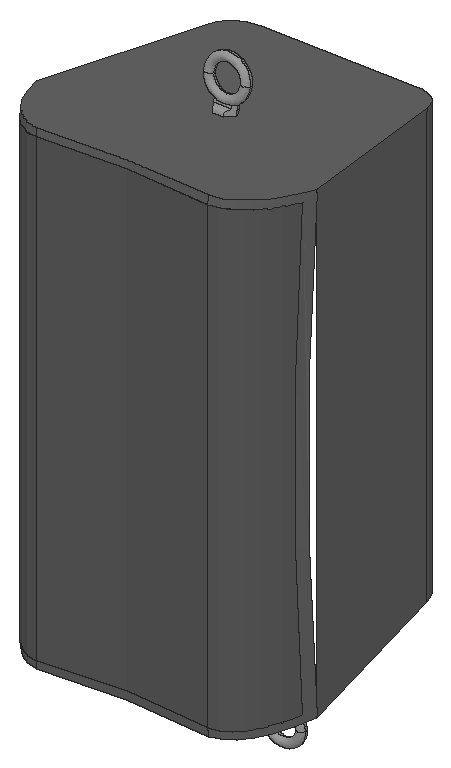
Revit family "AD-S8T - M10 Eye Bolts", category Communication Devices, Revit 2012
Parameters
  Width = 254 mm
  Weight Dimensional (lb) = 32.1
  Weight Dimensional (kg) = 14.5
  URL = "TBA"
  Sensitivity = 90
  SPL Max = 119
  Rotation Axis Distance = 2491.3 mm
  Regulatory Compliance = "RoHS"
  Product Page URL = "TBA"
  Product Documentation Link = "TBA"
  Weight Product (kg) = 11
  Weight Product (lb) = 24.1
  Power Handling = 200
  Model = "AD-S8T"
  Mid Depth = 244.9 mm
  Manufacturer URL = "www.qscaudio.com"
  Manufacturer = "QSC Audio Products, LLC"
  Impedance = 8
  Height [instance] = 439.98 mm
  Grille Finish = Black Grille
  Eye Bolt Material [instance] = Default
  Enclosure Finish = Black Finish
  Description = "8\" 2-Way Surface Mount Loudspeaker"
  Depth [instance] = 254.273 mm
  Coverage Vertical = 105.00°
  Coverage Horizontal = 105.00°
  70V Taps = "60, 30, 15, 7.5"
  100V Taps = "60, 30, 15"
Reference planes
  plane 1 "Center (Front/Back) (Grille Extent)": y = 0
  plane 2: z = 0
  plane 3 "Center (Left/Right)": x = 0
  plane 4 "Rotation Axis Plane": y = 2491.3
  plane 5: x = -127
  plane 6: x = 127
  plane 7: x = 70.565
  plane 8: x = -70.565
  plane 9: y = 61.1
  plane 10: x = -98.25
  plane 11: x = 98.25
  plane 12: y = 231.7
  plane 13: x = -77.915
  plane 14: x = 77.915
  plane 15: y = 4.6
  plane 16 "Back Plane": y = 254.273
  plane 17: y = 245.5
  plane 18: y = 55.488
  plane 19: x = -123.533
  plane 20: x = 123.533
  plane 21: x = 70.565
  plane 22: x = -70.565
  plane 23: y = 61.1
  plane 24: x = -98.25
  plane 25: x = 98.25
  plane 26: y = 231.7
  plane 27: x = -77.915
  plane 28: x = 77.915
  plane 29: y = 4.6
  plane 30: y = 245.5
  plane 31: y = 55.488
  plane 32: x = -123.533
  plane 33: x = 123.533
  plane 34: z = 145
  plane 35: z = 105
  plane 36: x = -40
  plane 37: x = 40
  plane 38 "Top Plane": z = 219.99
  plane 39: z = -219.99
Forms (mm)
  Revolve 1, solid, material "Black Finish" <- "Enclosure Finish"
    sketch origin (0, 0, 0) x (1, 0, 0) y (0, 1, 0)
      loop
        arc (-70.565, 245.5) -> (-89.024, 239.332) -> (-98.887, 222.553) r 27.74
        line (-98.887, 222.553) -> (-127, 61.1)
        spline (-127, 61.1) -> (-124.054, 51.779) -> (-120.9, 43.226) -> (-117.538, 35.443) -> (-113.968, 28.429) -> (-110.189, 22.184) -> (-106.203, 16.707) -> (-102.009, 12) -> (-97.606, 8.062) -> (-92.995, 4.893) -> (-88.177, 2.493) -> (-83.15, 0.862) -> (-77.915, 0)
        spline (-77.915, 0) -> (-64.929, 1.462) -> (-51.943, 2.657) -> (-38.957, 3.588) -> (-25.972, 4.252) -> (-12.986, 4.65) -> (0, 4.783) -> (12.986, 4.65) -> (25.972, 4.252) -> (38.957, 3.588) -> (51.943, 2.657) -> (64.929, 1.462) -> (77.915, 0)
        spline (77.915, 0) -> (83.15, 0.862) -> (88.177, 2.493) -> (92.995, 4.893) -> (97.606, 8.062) -> (102.009, 12) -> (106.203, 16.707) -> (110.189, 22.184) -> (113.968, 28.429) -> (117.538, 35.443) -> (120.9, 43.226) -> (124.054, 51.779) -> (127, 61.1)
        line (127, 61.1) -> (98.887, 222.553)
        arc (98.887, 222.553) -> (89.024, 239.332) -> (70.565, 245.5) r 27.74
        line (70.565, 245.5) -> (-70.565, 245.5)
      axis (-127, 2491.3) -> (127, 2491.3)
    angle from -5.066 to 5.066
  Revolve 2, void
    sketch origin (0, 0, 0) x (1, 0, 0) y (0, 1, 0)
      loop
        line (-123.533, 55.488) -> (-123.533, 0) -> (123.533, 0) -> (123.533, 55.488) -> (-123.533, 55.488)
      axis (-123.533, 2491.3) -> (123.533, 2491.3)
    angle from -4.9 to 4.9
  Revolve 3, solid, material "Black Grille" <- "Grille Finish"
    sketch origin (0, 0, 0) x (1, 0, 0) y (0, 1, 0)
      loop
        spline (-77.915, 0) -> (-64.929, 1.462) -> (-51.943, 2.657) -> (-38.957, 3.588) -> (-25.972, 4.252) -> (-12.986, 4.65) -> (0, 4.783) -> (12.986, 4.65) -> (25.972, 4.252) -> (38.957, 3.588) -> (51.943, 2.657) -> (64.929, 1.462) -> (77.915, 0)
        spline (77.915, 0) -> (82.486, 0.473) -> (86.917, 1.621) -> (91.208, 3.445) -> (95.359, 5.945) -> (99.37, 9.121) -> (103.242, 12.972) -> (106.973, 17.499) -> (110.565, 22.702) -> (114.017, 28.581) -> (117.328, 35.135) -> (120.5, 42.365) -> (123.533, 50.27)
        line (123.533, 50.27) -> (-123.533, 50.27)
        spline (-123.533, 50.27) -> (-120.5, 42.365) -> (-117.328, 35.135) -> (-114.017, 28.581) -> (-110.565, 22.702) -> (-106.973, 17.499) -> (-103.242, 12.972) -> (-99.37, 9.121) -> (-95.359, 5.945) -> (-91.208, 3.445) -> (-86.917, 1.621) -> (-82.486, 0.473) -> (-77.915, 0)
      axis (-123.533, 2491.3) -> (123.533, 2491.3)
    angle from -4.9 to 4.9
  Extrusion 4, void
    sketch origin (0, 254.273, 0) x (-1, 0, 0) y (0, 0, -1)
      loop
        line (-40, -145) -> (40, -145) -> (40, -105) -> (-40, -105) -> (-40, -145)
    from 0 to 10
Cuts and joins
  Revolve 2, Extrusion 4 cuts Revolve 1
Lines and regions (mm)
  model lines, detail levels fine
    curve 1: line (3.708, 42.266, 217.133) -> (-0.256, 47.468, 216.677)
    curve 2: line (-0.256, 47.468, 216.677) -> (3.708, 42.266, 217.133)
    curve 3: line (-14.626, 42.916, 217.076) -> (-13.128, 48.282, 216.606)
    curve 4: line (-13.128, 48.282, 216.606) -> (-14.626, 42.916, 217.076)
    curve 5: line (-12.125, 39.363, 217.387) -> (-13.242, 49.293, 216.518)
    curve 6: line (-13.242, 49.293, 216.518) -> (-12.125, 39.363, 217.387)
    curve 7: line (9.015, 46.31, 216.779) -> (12.549, 43.724, 217.005)
    curve 8: line (12.549, 43.724, 217.005) -> (9.015, 46.31, 216.779)
    curve 17: line (-125.423, 79.615, 4.687) -> (-124.55, 84.607, 0.84)
    curve 18: line (-124.55, 84.607, 0.84) -> (-125.423, 79.615, 4.687)
    curve 19: line (-125.314, 80.239, -13.106) -> (-124.414, 85.388, -11.652)
    curve 20: line (-124.414, 85.388, -11.652) -> (-125.314, 80.239, -13.106)
    curve 21: line (-125.91, 76.829, -10.678) -> (-124.244, 86.359, -11.763)
    curve 22: line (-124.244, 86.359, -11.763) -> (-125.91, 76.829, -10.678)
    curve 23: line (-124.744, 83.496, 9.837) -> (-125.178, 81.014, 13.267)
    curve 24: line (-125.178, 81.014, 13.267) -> (-124.744, 83.496, 9.837)
    curve 33: line (125.381, 79.608, -4.687) -> (124.509, 84.6, -0.84)
    curve 34: line (124.509, 84.6, -0.84) -> (125.381, 79.608, -4.687)
    curve 35: line (125.272, 80.231, 13.106) -> (124.372, 85.381, 11.652)
    curve 36: line (124.372, 85.381, 11.652) -> (125.272, 80.231, 13.106)
    curve 37: line (125.868, 76.822, 10.678) -> (124.203, 86.351, 11.763)
    curve 38: line (124.203, 86.351, 11.763) -> (125.868, 76.822, 10.678)
    curve 39: line (124.703, 83.489, -9.837) -> (125.137, 81.007, -13.267)
    curve 40: line (125.137, 81.007, -13.267) -> (124.703, 83.489, -9.837)
    curve 42: line (3.708, 42.266, -217.133) -> (-0.256, 47.468, -216.677)
    curve 43: line (-0.256, 47.468, -216.677) -> (3.708, 42.266, -217.133)
    curve 44: line (-14.626, 42.916, -217.076) -> (-13.128, 48.282, -216.606)
    curve 45: line (-13.128, 48.282, -216.606) -> (-14.626, 42.916, -217.076)
    curve 46: line (-12.125, 39.363, -217.387) -> (-13.242, 49.293, -216.518)
    curve 47: line (-13.242, 49.293, -216.518) -> (-12.125, 39.363, -217.387)
    curve 48: line (9.015, 46.31, -216.779) -> (12.549, 43.724, -217.005)
    curve 49: line (12.549, 43.724, -217.005) -> (9.015, 46.31, -216.779)
  model lines, not visible, detail levels fine
    curve 9: line (-9.316, 28.409, 0.821) -> (-13.279, 33.631, 0.827)
    curve 10: line (-13.279, 33.631, 0.827) -> (-9.316, 28.409, 0.821)
    curve 11: line (-27.649, 29.061, 0.821) -> (-26.152, 34.448, 0.828)
    curve 12: line (-26.152, 34.448, 0.828) -> (-27.649, 29.061, 0.821)
    curve 13: line (-25.148, 25.494, 0.817) -> (-26.266, 35.463, 0.829)
    curve 14: line (-26.266, 35.463, 0.829) -> (-25.148, 25.494, 0.817)
    curve 15: line (-4.009, 32.469, 0.825) -> (-0.474, 29.872, 0.822)
    curve 16: line (-0.474, 29.872, 0.822) -> (-4.009, 32.469, 0.825)
    curve 25: line (19.441, -60.935, 26.087) -> (15.594, -55.867, 26.087)
    curve 26: line (15.594, -55.867, 26.087) -> (19.441, -60.935, 26.087)
    curve 27: line (1.648, -60.302, 26.087) -> (3.102, -55.074, 26.087)
    curve 28: line (3.102, -55.074, 26.087) -> (1.648, -60.302, 26.087)
    curve 29: line (4.076, -63.763, 26.087) -> (2.991, -54.089, 26.087)
    curve 30: line (2.991, -54.089, 26.087) -> (4.076, -63.763, 26.087)
    curve 31: line (24.591, -56.995, 26.087) -> (28.021, -59.515, 26.087)
    curve 32: line (28.021, -59.515, 26.087) -> (24.591, -56.995, 26.087)
  model lines, detail levels medium+fine
    curve 41: circle (0, 126.833, -209.609) r 12 normal (0, 0.0883, -0.9961)
    curve 51: circle (0, 126.833, 209.609) r 12 normal (0, -0.0883, -0.9961)
  model lines, not visible, detail levels medium+fine
    curve 50: circle (0, 132.273, -219.99) r 12 normal (0, 0, -1)
  reference lines, not visible
    curve 52: line (-87, 127.273, 0) -> (98, 127.273, 0)
    curve 53: line (-84, 84.273, -219.99) -> (84, 84.273, -219.99)
    curve 54: line (0, 254.273, -219.99) -> (0, 127.273, -219.99)
Dimensions and locks
  "Rotation Axis Distance": plane 4 "Rotation Axis Plane" to plane 1 "Center (Front/Back) (Grille Extent)"
  equal spacing: plane 5, plane 3 "Center (Left/Right)", plane 6
  "Width": plane 5 to plane 6
  equal spacing: plane 8, plane 3 "Center (Left/Right)", plane 7
  plane 8 to plane 7 = 141.129 mm
  plane 10 to plane 11 = 196.5 mm
  equal spacing: plane 10, plane 3 "Center (Left/Right)", plane 11
  equal spacing: plane 13, plane 3 "Center (Left/Right)", plane 14
  plane 13 to plane 14 = 155.829 mm
  plane 15 to plane 1 "Center (Front/Back) (Grille Extent)" = 4.6 mm
  "Depth": plane 16 "Back Plane" to plane 1 "Center (Front/Back) (Grille Extent)"
  plane 17 to plane 1 "Center (Front/Back) (Grille Extent)" = 245.5 mm
  equal spacing: plane 19, plane 3 "Center (Left/Right)", plane 20
  plane 19 to plane 20 = 247.065 mm
  plane 22 to plane 21 = 141.129 mm  (x2)
  plane 24 to plane 25 = 196.5 mm  (x2)
  plane 27 to plane 28 = 155.829 mm  (x2)
  plane 32 to plane 33 = 247.065 mm
  plane 34 to plane 35 = 40 mm
  equal spacing: plane 36, plane 3 "Center (Left/Right)", plane 37
  plane 36 to plane 37 = 80 mm
  "Height": plane 38 "Top Plane" to plane 39
  curve 52 to plane 16 "Back Plane" = 127 mm
  equal spacing: curve 53, plane 3 "Center (Left/Right)", curve 53
  curve 53 to plane 16 "Back Plane" = 170 mm
  aligned and locked: plane 2 to level
  aligned and locked: Revolve 1 to plane 16 "Back Plane"
  aligned and locked: Revolve 1 sketch curve to plane 17
  aligned and locked: Revolve 2 sketch curve to plane 4 "Rotation Axis Plane"
  aligned and locked: Revolve 2 sketch curve to plane 18
  aligned and locked: Revolve 2 sketch curve to plane 19
  aligned and locked: Revolve 2 sketch curve to plane 1 "Center (Front/Back) (Grille Extent)"
  aligned and locked: Revolve 2 sketch curve to plane 20
  aligned and locked: cut or joined group of Revolve 1, Revolve 2, Extrusion 4 to curve 23
  aligned and locked: plane 34 to Extrusion 4 sketch curve
  aligned and locked: plane 37 to Extrusion 4 sketch curve
  aligned and locked: Extrusion 4 sketch curve to plane 35
  aligned and locked: Extrusion 4 sketch curve to plane 36
  aligned and locked: plane 38 "Top Plane" to cut or joined group of Revolve 1, Revolve 2, Extrusion 4
  aligned and locked: plane 39 to cut or joined group of Revolve 1, Revolve 2, Extrusion 4
  aligned and locked: cut or joined group of Revolve 1, Revolve 2, Extrusion 4 to curve 41
  aligned and locked: cut or joined group of Revolve 1, Revolve 2, Extrusion 4 to curve 51
  aligned and locked: plane 3 "Center (Left/Right)" to nested 1
Automatic sketch dimensions
  Revolve 1 sketch curve to plane 5 = 0 mm  (x2)
  Revolve 1 sketch curve to plane 4 "Rotation Axis Plane" = 0 mm
  plane 1 "Center (Front/Back) (Grille Extent)" to Revolve 1 sketch curve = 0 mm
  Revolve 1 sketch curve to plane 13 = 0 mm
  Revolve 1 sketch curve to plane 8 = 0 mm
  Revolve 1 sketch curve to plane 7 = 0 mm
  Revolve 1 sketch curve to plane 14 = 0 mm
  Revolve 1 sketch curve to plane 6 = 0 mm  (x2)
  Revolve 1 sketch curve to plane 9 = 0 mm  (x2)
  Revolve 1 sketch curve to plane 10 = 0.637 mm
  plane 8 to Revolve 1 sketch curve = 0.997 mm
  plane 7 to Revolve 1 sketch curve = 0.997 mm
  Revolve 1 sketch curve to plane 11 = 0.637 mm
  Revolve 1 sketch curve to Revolve 1 sketch curve = 27.722 mm  (x2)
  Revolve 2 sketch curve to plane 3 "Center (Left/Right)" = 0 mm
  Revolve 2 sketch curve to plane 6 = 0 mm
  Revolve 3 sketch curve to plane 4 "Rotation Axis Plane" = 0 mm
  Revolve 3 sketch curve to plane 5 = 0 mm
  Revolve 3 sketch curve to plane 32 = 0 mm
  plane 1 "Center (Front/Back) (Grille Extent)" to Revolve 3 sketch curve = 0 mm
  Revolve 3 sketch curve to plane 27 = 0 mm
  Revolve 3 sketch curve to plane 28 = 0 mm
  Revolve 3 sketch curve to plane 33 = 0 mm
  Revolve 3 sketch curve to plane 6 = 0 mm
  Revolve 3 sketch curve to plane 31 = 5.217 mm
  curve 19 to curve 20 = 0 mm  (x2)
  curve 19 to curve 21 = 1.343 mm
  curve 22 to curve 21 = 0 mm  (x3)
  curve 22 to curve 19 = 0.11 mm
  curve 20 to curve 19 = 0 mm
  curve 19 to curve 21 = 2.427 mm
  curve 19 to curve 18 = 12.493 mm
  curve 17 to curve 18 = 0 mm
  curve 17 to curve 17 = 3.846 mm
  curve 18 to curve 17 = 0 mm  (x3)
  curve 17 to curve 24 = 5.151 mm
  curve 23 to curve 24 = 0 mm  (x2)
  curve 23 to curve 24 = 3.43 mm
  curve 21 to curve 22 = 0 mm
  curve 21 to curve 17 = 2.829 mm
  curve 21 to curve 20 = 3.461 mm
  curve 17 to curve 23 = 1.42 mm
  curve 24 to curve 23 = 0 mm  (x2)
  curve 23 to curve 23 = 2.52 mm
  curve 18 to curve 17 = 5.068 mm
  curve 19 to curve 20 = 5.228 mm
  curve 27 to curve 28 = 0 mm  (x2)
  curve 27 to curve 29 = 1.343 mm
  curve 30 to curve 29 = 0 mm  (x3)
  curve 30 to curve 27 = 0.11 mm
  curve 28 to curve 27 = 0 mm
  curve 27 to curve 29 = 2.427 mm
  curve 27 to curve 26 = 12.493 mm
  curve 25 to curve 26 = 0 mm
  curve 25 to curve 25 = 3.846 mm
  curve 26 to curve 25 = 0 mm  (x3)
  curve 25 to curve 32 = 5.151 mm
  curve 31 to curve 32 = 0 mm  (x2)
  curve 31 to curve 32 = 3.43 mm
  curve 29 to curve 30 = 0 mm
  curve 29 to curve 25 = 2.829 mm
  curve 29 to curve 28 = 3.461 mm
  curve 25 to curve 31 = 1.42 mm
  curve 32 to curve 31 = 0 mm  (x2)
  curve 31 to curve 31 = 2.52 mm
  curve 26 to curve 25 = 5.068 mm
  curve 27 to curve 28 = 5.228 mm
  curve 35 to curve 36 = 0 mm  (x2)
  curve 35 to curve 37 = 1.343 mm
  curve 38 to curve 37 = 0 mm  (x3)
  curve 38 to curve 35 = 0.11 mm
  curve 36 to curve 35 = 0 mm
  curve 35 to curve 37 = 2.427 mm
  curve 35 to curve 34 = 12.493 mm
  curve 33 to curve 34 = 0 mm
  curve 33 to curve 33 = 3.846 mm
  curve 34 to curve 33 = 0 mm  (x3)
  curve 33 to curve 40 = 5.151 mm
  curve 39 to curve 40 = 0 mm  (x2)
  curve 39 to curve 40 = 3.43 mm
  curve 37 to curve 38 = 0 mm
  curve 37 to curve 33 = 2.829 mm
  curve 37 to curve 36 = 3.461 mm
  curve 33 to curve 39 = 1.42 mm
  curve 40 to curve 39 = 0 mm  (x2)
  curve 39 to curve 39 = 2.52 mm
  curve 34 to curve 33 = 5.068 mm
  curve 35 to curve 36 = 5.228 mm
  plane 5 to curve 52 = 40 mm
  plane 6 to curve 52 = 29 mm
  curve 54 to plane 3 "Center (Left/Right)" = 0 mm
  plane 16 "Back Plane" to curve 54 = 0 mm
  curve 54 to curve 53 = 43 mm
  curve 53 to plane 6 = 43 mm
Nested families
  nested 1: "M10 Eye Bolt" at (0, 126.593, 209.63) x (1, 0, 0) z (0, 0.0883, 0.9961), Eye Bolt Material <- "Eye Bolt Material", type "M10 Eye Bolt"
    with Eye Bolt Material Default
  nested 2: "M10 Eye Bolt" at (0, 127.273, -209.57) x (1, 0, 0) z (0, 0.0883, -0.9961), Eye Bolt Material <- "Eye Bolt Material", type "M10 Eye Bolt"
    with Eye Bolt Material Default
  nested 3: "M10 Eye Bolt" at (-84, 84.273, -213.382) x (1, 0, 0) z (0, 0.0883, -0.9961), Eye Bolt Material <- "Eye Bolt Material", type "M10 Eye Bolt"
    with Eye Bolt Material Default
  nested 4: "M10 Eye Bolt" at (84, 84.273, -213.382) x (1, 0, 0) z (0, 0.0883, -0.9961), Eye Bolt Material <- "Eye Bolt Material", type "M10 Eye Bolt"
    with Eye Bolt Material Default
Connectors
  electrical at (0, 244.273, 125)
    settings: on cut or joined group of Revolve 1, Revolve 2, Extrusion 4, index 1, voltage 0 V, apparent load 0 VA, apparent load phase1 0 VA, apparent load phase2 0 VA, apparent load phase3 0 VA, power factor 1, load classification "Other", number of poles 1, system type 14, power factor state 1, is connector primary yes, connector utility no, sub classification motor no, connector description "Speaker Input"
  electrical at (0, 244.273, 125)
    settings: on cut or joined group of Revolve 1, Revolve 2, Extrusion 4, index 2, voltage 0 V, apparent load 0 VA, apparent load phase1 0 VA, apparent load phase2 0 VA, apparent load phase3 0 VA, power factor 1, load classification "Other", number of poles 1, system type 14, power factor state 1, is connector primary no, connector utility no, sub classification motor no, connector description "Parallel Output"
Definition of nested family "M10 Eye Bolt"
  Parameters (values of type "M10 Eye Bolt")
    Radius = Depth / 2  # 3.969 mm
    Outter Diameter = 41.077 mm
    Inner Diameter = 25.4 mm
    Eye Bolt Material [instance] = Default
    Depth = 7.938 mm
    Default Elevation = 1219.2 mm
    Base Depth = 17.5 mm
  Reference planes
    plane 1 "Center (Front/Back)": y = 0
    plane 2: z = 0
    plane 3 "Center (Left/Right)": x = 0
    plane 4 "Plane at Center": z = 26.5
    plane 5 "Inner Left": x = -12.7
    plane 6 "Inner Right": x = 12.7
    plane 7: x = -20.538
    plane 8: x = 20.538
    plane 9: y = 3.969
    plane 10: y = -3.969
    plane 11: y = 8.75
    plane 12: y = -8.75
  Forms (mm)
    Extrusion 1, solid
      sketch origin (0, 0, 0) x (1, 0, 0) y (0, 1, 0)
        loop
          line (-1219.2, 1219.2) -> (-1219.2, -1219.2) -> (1219.2, -1219.2) -> (1219.2, 1219.2) -> (-1219.2, 1219.2)
      from 0 to -304.8
    Revolve 2, solid, material "Default" <- "Eye Bolt Material"
      sketch origin (0, 0, 26.5) x (-1, 0, 0) y (0, -1, 0)
        loop
          circle (-16.619, -0.05) r 3.969
        axis (0, -0.05) -> (0, 0.95)
      angle from 0 to 360
    Extrusion 3, solid, material "Default" <- "Eye Bolt Material"
      sketch origin (-12.7, 0, 0) x (0, 0, 1) y (0, -1, 0)
        loop
          spline (0, -8.75) -> (1.63, -8.656) -> (2.802, -8.396) -> (3.59, -8.003) -> (4.071, -7.51) -> (4.32, -6.951) -> (4.412, -6.359) -> (4.422, -5.767) -> (4.428, -5.208) -> (4.502, -4.715) -> (4.722, -4.322) -> (5.163, -4.062) -> (5.9, -3.968)
          arc (5.9, -3.968) -> (9.87, 0.002) -> (5.9, 3.971) r 3.97
          spline (5.9, 3.971) -> (5.225, 4.065) -> (4.813, 4.325) -> (4.594, 4.718) -> (4.5, 5.211) -> (4.462, 5.77) -> (4.412, 6.362) -> (4.28, 6.954) -> (3.999, 7.513) -> (3.499, 8.006) -> (2.711, 8.399) -> (1.568, 8.659) -> (0, 8.753)
          line (0, 8.753) -> (0, -8.75)
      from 0 to 25.4 <- "Inner Diameter"
    Extrusion 4, void
      sketch origin (0, 0, 0) x (1, 0, 0) y (0, 1, 0)
        loop
          line (5.054, -8.753) -> (12.7, -8.753) -> (12.7, 8.75) -> (5.054, 8.753) -> (10.107, 0) -> (5.054, -8.753)
        loop
          line (-5.054, 8.753) -> (-12.7, 8.75) -> (-12.7, -8.753) -> (-5.054, -8.753) -> (-10.107, 0) -> (-5.054, 8.753)
      from 0 to 25.4
  Cuts and joins
    Extrusion 4 cuts Extrusion 3
    joined: Revolve 2, Extrusion 3
  Dimensions and locks
    equal spacing: plane 6 "Inner Right", plane 3 "Center (Left/Right)", plane 5 "Inner Left"
    "Inner Diameter": plane 6 "Inner Right" to plane 5 "Inner Left"
    equal spacing: plane 8, plane 3 "Center (Left/Right)", plane 7
    "Outter Diameter": plane 8 to plane 7
    equal spacing: plane 9, plane 1 "Center (Front/Back)", plane 10
    "Depth": plane 9 to plane 10
    plane 4 "Plane at Center" to level = 26.5 mm
    equal spacing: plane 11, plane 1 "Center (Front/Back)", plane 12
    "Base Depth": plane 11 to plane 12
    "Radius": radius of Revolve 2 sketch curve
    aligned and locked: plane 2 to Extrusion 1
    aligned and locked: level to Extrusion 1
    aligned and locked: Revolve 2 sketch curve to plane 3 "Center (Left/Right)"
  Automatic sketch dimensions
    Extrusion 1 sketch curve to Extrusion 1 sketch curve = 2438.4 mm  (x2)
    Revolve 2 sketch curve to plane 1 "Center (Front/Back)" = 0.05 mm
    plane 6 "Inner Right" to Revolve 2 sketch curve = 3.919 mm
    Revolve 2 sketch curve to plane 9 = 14.097 mm
    Revolve 2 sketch curve to plane 10 = 27.104 mm
    Extrusion 4 sketch curve to plane 5 "Inner Left" = 0 mm
    plane 1 "Center (Front/Back)" to Extrusion 4 sketch curve = 0 mm  (x2)
    Extrusion 4 sketch curve to plane 12 = 0 mm
    Extrusion 4 sketch curve to plane 6 "Inner Right" = 0 mm
    plane 11 to Extrusion 4 sketch curve = 0 mm  (x2)
    plane 5 "Inner Left" to Extrusion 4 sketch curve = 2.593 mm
    Extrusion 4 sketch curve to plane 3 "Center (Left/Right)" = 5.055 mm
    Extrusion 4 sketch curve to plane 12 = 0.003 mm  (x3)
    plane 3 "Center (Left/Right)" to Extrusion 4 sketch curve = 5.054 mm  (x2)
    Extrusion 4 sketch curve to plane 11 = 0.003 mm  (x2)
    Extrusion 4 sketch curve to plane 6 "Inner Right" = 2.593 mm
    Extrusion 4 sketch curve to plane 3 "Center (Left/Right)" = 5.054 mm
    Extrusion 3 sketch curve to level = 0 mm
    Extrusion 3 sketch curve to plane 11 = 0 mm
    Extrusion 3 sketch curve to plane 10 = 0.002 mm
    level to Extrusion 3 sketch curve = 5.9 mm
    plane 9 to Extrusion 3 sketch curve = 0.001 mm
    Extrusion 3 sketch curve to plane 12 = 0.003 mm
